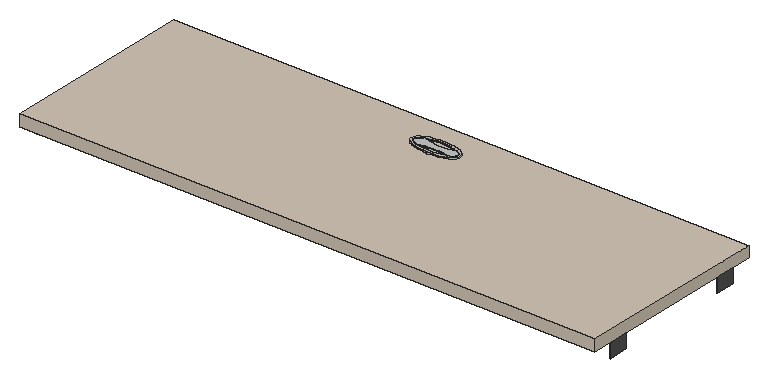
Revit family "Modular_Desks-Teknion-RTLDC_Cross_Grain_Rectangular_Worksurface-R2019", category Furniture, Revit 2019 (continued)
Definition of nested family "Desk_Accessories-Teknion-RWAQ_Central_Post_Square-R2019"
  Nested families (in)
    nested 1: "Teknion_2D_Node_Family-R2016" at (0, 3, 0), visible <- "Connection Node Visibility", type "Teknion_2D_Node_Family-R2016"
  Definition of nested family "Teknion_2D_Node_Family-R2016"
    Reference planes (in)
      plane 1 "Center (Front/Back)": y = 0
      plane 2: z = 0
      plane 3 "Center (Left/Right)": x = 0
    Lines and regions (in)
      detail lines, in view "Ref. Level"
        curve 1: circle (0, 0, 0) r 1.25 normal (0, 0, 1)
        curve 2: line (1.91508, -1.91508, 0) -> (-1.91508, 1.91508, 0)
        curve 3: line (-1.91508, -1.91508, 0) -> (1.91508, 1.91508, 0)
Definition of nested family "Desk_Accessories-Teknion-RWLD_Central_Post_Round-R2019"
  Parameters (values of type "29" Height")
    Warranty = "http://www.teknion.com/ca/papers/legal-canada"
    Unit Weight URL = "http://www.teknion.com/ca/tools/assets#&asset=bee6a381-b954-425e-8283-5a2de3a804f2,f828d448-4b62-4231-9e5f-9a8991c0ed77"
    URL = "www.teknion.com"
    To render please download texture images found here [instance] = "https://assets.teknion.com/web/5e81352c1dfdb467/revit-material-swatches/"
    Sustainability Data = "https://www.teknion.com/ca/tools/assets#&topic=216f99a5-57a0-44fc-b10a-9dee9b29ae4c&asset=444deb64-fe58-4b68-981e-f75e97781df7,b4ff2d81-9f2e-437d-9659-7cffb09c31cf"
    Support Finish [instance] = none
    Series = "Expansion Desking"  # constant formula
    Product Page URL = "https://www.teknion.com/ca/products/product-details?productLineId=2b4e336e-8e7a-673b-a6c8-ff00004460c4"
    Product Line = "Expansion Desking"  # constant formula
    Product Documentation Link = "https://www.teknion.com/pricing/expansion-desking/pdfs/RWLD_ppg.pdf"
    Part Number = "RWLD"  # constant formula
    Model = "RWLD29"  # constant formula
    Manufacturer Phone = "416-661-3370"  # constant formula
    Manufacturer Fax = "416.661.4586"  # constant formula
    Manufacturer Contact Information = "http://www.teknion.com/ca/contactus"
    Manufacturer Address = "1150 Flint Road, Toronto, ON. M3J 2J5. Canada"  # constant formula
    Manufacturer = "Teknion"  # constant formula
    How To Use Teknion Materials User Guide [instance] = "https://assets.teknion.com/m/205dd0a49fa58060/original/How-to-add-a-Material-Library-and-Texture-Images-to-your-Revit-project.pdf"
    For Additional Finishes please visit [instance] = "https://assets.teknion.com/m/44a8009b046e5d47/original/Teknion_Materials_Library.zip"
    Description = "Central Post Leg - 3 1/2\" Round, 29\" Height"
    Connection Node Visibility [instance] = yes
    Assembly Code = "E2020200"
  Reference planes (in)
    plane 1 "Center Front/Back": y = 0
    plane 2: z = 0
    plane 3 "Center Left/Right": x = 0
    plane 4 "Left": x = -3
    plane 5 "Right": x = 3
    plane 6 "Back": y = 3
    plane 7 "Front": y = -3
    plane 8 "Top": z = 27.81102
  Forms (in)
    Sweep 1, solid, material <- "Support Finish"
      path origin (0, 0, 0) x (1, 0, 0) y (0, 0, 1)
        loop
          line (0, 27.56102) -> (0, 27.81102)
      profile origin (0, 0, 27.68602) x (-1, 0, 0) y (0, -1, 0)
        loop
          line (3, -3) -> (3, 3) -> (-3, 3) -> (-3, -3) -> (3, -3)
    Sweep 2, solid, material <- "Support Finish"
      path origin (0, 0, 0) x (1, 0, 0) y (0, 0, 1)
        loop
          line (0, 27.56102) -> (0, 0.60236)
      profile origin (0, 0, 14.08169) x (0, -1, 0) y (1, 0, 0)
        loop
          circle (-1.12398, 0) r 1.75
    Sweep 3, solid, material <- "Support Finish"
      path origin (0, 0, 0) x (1, 0, 0) y (0, 0, 1)
        loop
          line (0, 0) -> (0, 0.60236)
      profile origin (0, 0, 0.30118) x (-1, 0, 0) y (0, -1, 0)
        loop
          circle (0, -1.12398) r 0.5
  Lines and regions (in)
    symbolic lines, detail levels medium+fine
      curve 1: line (-3, 3, 0) -> (3, 3, 0)
      curve 2: line (-3, 3, 0) -> (-3, -3, 0)
      curve 3: line (-3, -3, 0) -> (3, -3, 0)
      curve 4: line (3, 3, 0) -> (3, -3, 0)
      curve 5: arc (0, 2.87398, 0) -> (-1.75, 1.12398, 0) -> (0, -0.62602, 0) r 1.75
      curve 6: arc (0, -0.62602, 0) -> (1.75, 1.12398, 0) -> (0, 2.87398, 0) r 1.75
    symbolic lines, detail levels fine
      curve 7: arc (-0.5, 1.12398, 0) -> (0, 1.62398, 0) -> (0.5, 1.12398, 0) r 0.5
      curve 8: arc (0.5, 1.12398, 0) -> (0, 0.62398, 0) -> (-0.5, 1.12398, 0) r 0.5
  Dimensions and locks (in)
    locked: plane 4 "Left" to plane 5 "Right" at 6
    locked: plane 6 "Back" to plane 7 "Front" at 6
    plane 8 "Top" to level = 27.81102"
    equal spacing: plane 4 "Left", plane 3 "Center Left/Right", plane 5 "Right"
    equal spacing: plane 6 "Back", plane 1 "Center Front/Back", plane 7 "Front"
    plane 8 "Top" to Sweep 1 sketch curve to Sweep 1 sketch curve = 0.000" locked, 0.250" locked
    Sweep 2 sketch curve to Sweep 2 sketch curve to level = 26.95866" locked, 0.60236" locked
    locked: profile plane to Sweep 2 sketch curve at 0
    locked: plane 1 "Center Front/Back" to Sweep 2 sketch curve at 1.12398
    Sweep 3 sketch curve to level to Sweep 3 sketch curve = 0.60236" locked, 0.000" locked
    locked: plane 1 "Center Front/Back" to Sweep 3 sketch curve at 1.12398
    locked: plane 3 "Center Left/Right" to Sweep 3 sketch curve at 0
    aligned and locked: level to plane 2
    aligned and locked: plane 3 "Center Left/Right" to Sweep 1 sketch curve
    aligned and locked: Sweep 1 sketch curve to plane 6 "Back"
    aligned and locked: Sweep 1 sketch curve to plane 4 "Left"
    aligned and locked: Sweep 1 sketch curve to plane 7 "Front"
    aligned and locked: Sweep 1 sketch curve to plane 5 "Right"
    aligned and locked: curve 1 to plane 6 "Back"
    aligned and locked: curve 2 to plane 4 "Left"
    aligned and locked: curve 3 to plane 7 "Front"
    aligned and locked: curve 4 to plane 5 "Right"
    aligned and locked: nested 1 to plane 6 "Back"
    aligned and locked: plane 3 "Center Left/Right" to nested 1
    aligned and locked: Sweep 2 sketch curve to plane 3 "Center Left/Right"
    aligned and locked: plane 3 "Center Left/Right" to Sweep 3 sketch curve
    aligned and locked: curve 5 to Sweep 2
    aligned and locked: curve 6 to Sweep 2
    aligned and locked: curve 7 to Sweep 3
    aligned and locked: curve 8 to Sweep 3
  Automatic sketch dimensions
    radius of Sweep 2 sketch curve = 1.750"
    radius of Sweep 3 sketch curve = 0.500"
  Nested families (in)
    nested 1: "Teknion_2D_Node_Family-R2016" at (0, 3, 0), visible <- "Connection Node Visibility", type "Teknion_2D_Node_Family-R2016"
  Definition of nested family "Teknion_2D_Node_Family-R2016"
    Reference planes (in)
      plane 1 "Center (Front/Back)": y = 0
      plane 2: z = 0
      plane 3 "Center (Left/Right)": x = 0
    Lines and regions (in)
      detail lines, in view "Ref. Level"
        curve 1: circle (0, 0, 0) r 1.25 normal (0, 0, 1)
        curve 2: line (1.91508, -1.91508, 0) -> (-1.91508, 1.91508, 0)
        curve 3: line (-1.91508, -1.91508, 0) -> (1.91508, 1.91508, 0)
Definition of nested family "Desk_Accessories-Teknion-RWLA_Angled_Leg-R2019"
  Parameters (values of type "29" Height")
    Warranty = "http://www.teknion.com/ca/papers/legal-canada"
    Unit Weight URL = "http://www.teknion.com/ca/tools/assets#&asset=bee6a381-b954-425e-8283-5a2de3a804f2,f828d448-4b62-4231-9e5f-9a8991c0ed77"
    URL = "www.teknion.com"
    To render please download texture images found here [instance] = "https://assets.teknion.com/web/5e81352c1dfdb467/revit-material-swatches/"
    Sustainability Data = "https://www.teknion.com/ca/tools/assets#&topic=216f99a5-57a0-44fc-b10a-9dee9b29ae4c&asset=444deb64-fe58-4b68-981e-f75e97781df7,b4ff2d81-9f2e-437d-9659-7cffb09c31cf"
    Support Finish [instance] = none
    Series = "Expansion Desking"  # constant formula
    Product Page URL = "https://www.teknion.com/ca/products/product-details?productLineId=2b4e336e-8e7a-673b-a6c8-ff00004460c4"
    Product Line = "Expansion Desking"  # constant formula
    Product Documentation Link = "https://www.teknion.com/pricing/expansion-desking/pdfs/RWLA_ppg.pdf"
    Part Number = "RWLA"  # constant formula
    Model = "RWLA29"  # constant formula
    Manufacturer Phone = "416-661-3370"  # constant formula
    Manufacturer Fax = "416.661.4586"  # constant formula
    Manufacturer Contact Information = "http://www.teknion.com/ca/contactus"
    Manufacturer Address = "1150 Flint Road, Toronto, ON. M3J 2J5. Canada"  # constant formula
    Manufacturer = "Teknion"  # constant formula
    How To Use Teknion Materials User Guide [instance] = "https://assets.teknion.com/m/205dd0a49fa58060/original/How-to-add-a-Material-Library-and-Texture-Images-to-your-Revit-project.pdf"
    For Additional Finishes please visit [instance] = "https://assets.teknion.com/m/44a8009b046e5d47/original/Teknion_Materials_Library.zip"
    Description = "Angled Leg, 29\" Height"
    Connection Node Visibility [instance] = yes
    Assembly Code = "E2020200"
  Reference planes (in)
    plane 1 "Center Front/Back": y = 0.67303
    plane 2: z = 0
    plane 3 "Center Left/Right": x = -0.68158
    plane 4 "Left": x = -5.478
    plane 5 "Right": x = 4.11485
    plane 6 "Back": y = 5.46975
    plane 7 "Front": y = -4.12369
    plane 8 "Top": z = 27.81102
  Forms (in)
    Sweep 1, solid, material <- "Support Finish"
      path origin (0, 0.67303, 0) x (1, 0, 0) y (0, 0, 1)
        loop
          line (-0.68158, 0.41732) -> (-0.68158, 27.81102)
      profile origin (-0.68158, 0.67303, 14.11417) x (-1, 0, 0) y (0, -1, 0)
        loop
          line (0.46829, 0.11891) -> (3.39642, -3.37507) -> (3.39642, -1.43104) -> (0.46829, 0.11891)
    Sweep 2, solid, material <- "Support Finish"
      path origin (0, 0.67303, 0) x (1, 0, 0) y (0, 0, 1)
        loop
          line (-0.68158, 27.62205) -> (-0.68158, 27.81102)
      profile origin (-0.68158, 0.67303, 27.71653) x (-1, 0, 0) y (0, -1, 0)
        loop
          line (0.82728, -3.39672) -> (3.39642, -3.39672) -> (3.39642, -0.82939) -> (0.11656, 4.79614) -> (-4.79701, -0.11651) -> (0.82728, -3.39672)
    Sweep 3, solid, material <- "Support Finish"
      path origin (0, 0.67303, 0) x (1, 0, 0) y (0, 0, 1)
        loop
          line (-0.68158, 0.41732) -> (-0.68158, 0)
      profile origin (-0.68158, 0.67303, 0.20866) x (0, -1, 0) y (1, 0, 0)
        loop
          line (-1.49741, -3.28619) -> (-0.24209, -0.91466) -> (-3.07191, -3.28619) -> (-1.49741, -3.28619)
  Cuts and joins
    joined: Sweep 1, Sweep 2
  Lines and regions (in)
    symbolic lines, detail levels medium+fine
      curve 1: line (-4.078, 4.06975, 0) -> (-4.078, 1.50241, 0)
      curve 2: line (-4.078, 1.50241, 0) -> (-0.79814, -4.12311, 0)
      curve 3: line (-0.79814, -4.12311, 0) -> (4.11543, 0.78953, 0)
      curve 4: line (4.11543, 0.78953, 0) -> (-1.50885, 4.06975, 0)
      curve 5: line (-1.50885, 4.06975, 0) -> (-4.078, 4.06975, 0)
      curve 6: line (-1.14987, 0.55412, 0) -> (-4.078, 4.0481, 0)
      curve 7: line (-4.078, 2.10407, 0) -> (-1.14987, 0.55412, 0)
    symbolic lines, visible <- "Connection Node Visibility", detail levels fine
      curve 8: line (-3.96776, 3.74494, 0) -> (-3.96776, 2.17044, 0)
      curve 9: line (-1.59623, 0.91512, 0) -> (-3.96776, 3.74494, 0)
      curve 10: line (-3.96776, 2.17044, 0) -> (-1.59623, 0.91512, 0)
  Dimensions and locks (in)
    plane 4 "Left" to plane 5 "Right" = 9.59285"
    plane 6 "Back" to plane 7 "Front" = 9.59344"
    locked: plane 8 "Top" to level at 27.81102
    equal spacing: plane 4 "Left", plane 3 "Center Left/Right", plane 5 "Right"
    equal spacing: plane 6 "Back", plane 1 "Center Front/Back", plane 7 "Front"
    Sweep 1 sketch curve to Sweep 1 sketch curve to level = 27.3937" locked, 0.41732" locked
    Sweep 3 sketch curve to Sweep 3 sketch curve = 0.41732"
    aligned and locked: level to plane 2
    aligned and locked: plane 3 "Center Left/Right" to Sweep 1 sketch curve
    aligned and locked: nested 1 to plane 6 "Back"
    aligned and locked: plane 4 "Left" to nested 1
  Automatic sketch dimensions
    plane 1 "Center Front/Back" to Sweep 1 sketch curve = 0.11891"
    Sweep 1 sketch curve to profile plane = 0.46829"
    Sweep 1 sketch curve to profile plane = 3.39642"
    Sweep 1 sketch curve to plane 1 "Center Front/Back" = 1.43104"
    Sweep 1 sketch curve to Sweep 1 sketch curve = 1.94403"
    Sweep 2 sketch curve to plane 3 "Center Left/Right" = 0.000"
    Sweep 2 sketch curve to plane 8 "Top" = 0.000"
    Sweep 2 sketch curve to Sweep 2 sketch curve = 0.18898"
    Sweep 2 sketch curve to profile plane = 0.82728"
    Sweep 2 sketch curve to plane 1 "Center Front/Back" = 3.39672"
    Sweep 2 sketch curve to plane 1 "Center Front/Back" = 0.11651"
    profile plane to Sweep 2 sketch curve = 4.79701"
    Sweep 2 sketch curve to Sweep 2 sketch curve = 2.56915"
    Sweep 2 sketch curve to profile plane = 0.11656"
    plane 1 "Center Front/Back" to Sweep 2 sketch curve = 4.79614"
    Sweep 2 sketch curve to plane 1 "Center Front/Back" = 0.82939"
    Sweep 3 sketch curve to level = 0.000"
    Sweep 3 sketch curve to plane 3 "Center Left/Right" = 0.000"
    Sweep 3 sketch curve to plane 1 "Center Front/Back" = 3.07191"
    profile plane to Sweep 3 sketch curve = 3.28619"
    Sweep 3 sketch curve to Sweep 3 sketch curve = 1.5745"
    Sweep 3 sketch curve to plane 1 "Center Front/Back" = 0.24209"
    profile plane to Sweep 3 sketch curve = 0.91466"
    plane 4 "Left" to curve 1 = 1.400"
    curve 2 to plane 1 "Center Front/Back" = 0.82939"
    curve 2 to plane 7 "Front" = 0.00058"
    curve 2 to plane 3 "Center Left/Right" = 0.11656"
    curve 1 to plane 6 "Back" = 1.400"
    curve 3 to plane 5 "Right" = 0.00058"
    curve 3 to plane 1 "Center Front/Back" = 0.11651"
    curve 4 to plane 3 "Center Left/Right" = 0.82728"
    plane 1 "Center Front/Back" to curve 6 = 0.11891"
    curve 6 to plane 3 "Center Left/Right" = 0.46829"
    curve 6 to curve 1 = 0.000"
    curve 1 to curve 7 = 0.60165"
    curve 6 to curve 1 = 0.02165"
    curve 6 to curve 9 = 0.11024"
    curve 8 to curve 6 = 0.30316"
    curve 9 to plane 1 "Center Front/Back" = 0.24209"
    curve 9 to curve 6 = 0.44637"
    curve 7 to curve 8 = 0.06638"
  Nested families (in)
    nested 1: "Teknion_2D_Node_Family-R2016" at (-5.478, 5.46975, 0), visible <- "Connection Node Visibility", type "Teknion_2D_Node_Family-R2016"
  Definition of nested family "Teknion_2D_Node_Family-R2016"
    Reference planes (in)
      plane 1 "Center (Front/Back)": y = 0
      plane 2: z = 0
      plane 3 "Center (Left/Right)": x = 0
    Lines and regions (in)
      detail lines, in view "Ref. Level"
        curve 1: circle (0, 0, 0) r 1.25 normal (0, 0, 1)
        curve 2: line (1.91508, -1.91508, 0) -> (-1.91508, 1.91508, 0)
        curve 3: line (-1.91508, -1.91508, 0) -> (1.91508, 1.91508, 0)
Definition of nested family "Desk_Accessories-Teknion-RAVG_Semi_Supported_Leg_Solid-R2019"
  Parameters (values of type "Solid Gable Style")
    Warranty = "http://www.teknion.com/ca/papers/legal-canada"
    Unit Weight URL = "http://www.teknion.com/ca/tools/assets#&asset=bee6a381-b954-425e-8283-5a2de3a804f2,f828d448-4b62-4231-9e5f-9a8991c0ed77"
    URL = "www.teknion.com"
    To render please download texture images found here [instance] = "https://assets.teknion.com/web/5e81352c1dfdb467/revit-material-swatches/"
    Sustainability Data = "https://www.teknion.com/ca/tools/assets#&topic=216f99a5-57a0-44fc-b10a-9dee9b29ae4c&asset=444deb64-fe58-4b68-981e-f75e97781df7,b4ff2d81-9f2e-437d-9659-7cffb09c31cf"
    Series = "Expansion Desking"  # constant formula
    Product Page URL = "https://www.teknion.com/ca/products/product-details?productLineId=2b4e336e-8e7a-673b-a6c8-ff00004460c4"
    Product Line = "Expansion Desking"  # constant formula
    Product Documentation Link = "https://www.teknion.com/pricing/expansion-desking/pdfs/RAVG_ppg.pdf"
    Part Number = "RAVG"  # constant formula
    Model = "RAVGL__"
    Manufacturer Phone = "416-661-3370"  # constant formula
    Manufacturer Fax = "416.661.4586"  # constant formula
    Manufacturer Contact Information = "http://www.teknion.com/ca/contactus"
    Manufacturer Address = "1150 Flint Road, Toronto, ON. M3J 2J5. Canada"  # constant formula
    Manufacturer = "Teknion"  # constant formula
    How To Use Teknion Materials User Guide [instance] = "https://assets.teknion.com/m/205dd0a49fa58060/original/How-to-add-a-Material-Library-and-Texture-Images-to-your-Revit-project.pdf"
    Gable Finish [instance] = none
    For Additional Finishes please visit [instance] = "https://assets.teknion.com/m/44a8009b046e5d47/original/Teknion_Materials_Library.zip"
    Description = "Semi-Supported Leg - Solid, Solid Gable Style"
    Depth [instance] = 30.000"
    Connection Node Visibility [instance] = yes
    Available Depths [instance] = "14\", 18\", 20\", 24\", or 30\""  # constant formula
    Assembly Code = "E2020200"
  Reference planes (in)
    plane 1 "Center Front/Back": y = 0
    plane 2: z = 0
    plane 3 "Center Left/Right": x = 0
    plane 4 "Left": x = -0.5
    plane 5 "Right": x = 0.5
    plane 6 "Back": y = 15
    plane 7 "Front": y = -15
    plane 8 "Top": z = 27.81102
  Forms (in)
    Sweep 1, solid, material <- "Gable Finish"
      path origin (0, 0, 0) x (1, 0, 0) y (0, 0, 1)
        loop
          line (0, 0.6) -> (0, 27.81102)
      profile origin (0, 0, 14.20551) x (-1, 0, 0) y (0, -1, 0)
        loop
          line (0.5, -15) -> (0.5, 15) -> (-0.5, 15) -> (-0.5, -15) -> (0.5, -15)
    Sweep 2, solid
      path origin (0, 0, 0) x (1, 0, 0) y (0, 0, 1)
        loop
          line (0, 0.6) -> (0, 0)
      profile origin (0, 0, 0.3) x (0, -1, 0) y (1, 0, 0)
        loop
          circle (-13.53937, 0) r 0.5
        loop
          circle (13.53937, 0) r 0.5
  Lines and regions (in)
    symbolic lines, detail levels medium+fine
      curve 1: line (0.5, -15, 0) -> (0.5, 15, 0)
      curve 2: line (0.5, 15, 0) -> (-0.5, 15, 0)
      curve 3: line (-0.5, 15, 0) -> (-0.5, -15, 0)
      curve 4: line (-0.5, -15, 0) -> (0.5, -15, 0)
    symbolic lines, detail levels fine
      curve 5: arc (0, 14.03937, 0) -> (-0.5, 13.53937, 0) -> (0, 13.03937, 0) r 0.5
      curve 6: arc (0, 13.03937, 0) -> (0.5, 13.53937, 0) -> (0, 14.03937, 0) r 0.5
      curve 7: arc (0, -13.03937, 0) -> (-0.5, -13.53937, 0) -> (0, -14.03937, 0) r 0.5
      curve 8: arc (0, -14.03937, 0) -> (0.5, -13.53937, 0) -> (0, -13.03937, 0) r 0.5
    reference lines
      curve 9: line (-0.5, 15, 0) -> (0.5, 15, 0)
      curve 10: line (-0.5, -15, 0) -> (0.5, -15, 0)
  Dimensions and locks (in)
    locked: plane 4 "Left" to plane 5 "Right" at 1
    "Depth": plane 6 "Back" to plane 7 "Front"
    plane 8 "Top" to level = 27.81102"
    equal spacing: plane 6 "Back", plane 1 "Center Front/Back", plane 7 "Front"
    equal spacing: plane 4 "Left", plane 3 "Center Left/Right", plane 5 "Right"
    Sweep 1 sketch curve to Sweep 1 sketch curve to level = 27.21102" locked, 0.600" locked
    Sweep 2 sketch curve to Sweep 2 sketch curve to level = 0.600" locked, 0.000" locked
    plane 3 "Center Left/Right" to Sweep 2 sketch curve to Sweep 2 sketch curve = 0.000" locked, 0.000" locked
    locked: plane 6 "Back" to Sweep 2 sketch curve at 1.46063
    locked: plane 7 "Front" to Sweep 2 sketch curve at 1.46063
    aligned and locked: level to plane 2
    aligned and locked: plane 3 "Center Left/Right" to Sweep 1 sketch curve
    aligned and locked: plane 5 "Right" to Sweep 1 sketch curve
    aligned and locked: Sweep 1 sketch curve to plane 4 "Left"
    aligned and locked: Sweep 1 sketch curve to plane 7 "Front"
    aligned and locked: Sweep 1 sketch curve to plane 6 "Back"
    aligned and locked: Sweep 2 sketch curve to plane 3 "Center Left/Right"
    aligned and locked: nested 2 to plane 7 "Front"
    aligned and locked: nested 2 to plane 4 "Left"
    aligned and locked: plane 4 "Left" to nested 1
    aligned and locked: nested 1 to plane 6 "Back"
    aligned and locked: curve 1 to Sweep 1
    aligned and locked: curve 2 to Sweep 1
    aligned and locked: curve 3 to Sweep 1
    aligned and locked: curve 4 to plane 7 "Front"
    aligned and locked: curve 5 to Sweep 2
    aligned and locked: curve 6 to Sweep 2
    aligned and locked: curve 7 to Sweep 2
    aligned and locked: curve 8 to Sweep 2
    aligned and locked: curve 9 to plane 6 "Back"
    aligned and locked: curve 10 to plane 7 "Front"
  Automatic sketch dimensions
    curve 9 to plane 4 "Left" = 0.000"
    curve 9 to plane 5 "Right" = 0.000"
    curve 10 to plane 4 "Left" = 0.000"
    curve 10 to plane 5 "Right" = 0.000"
    radius of Sweep 2 sketch curve = 0.500"  (x2)
  Nested families (in)
    nested 1: "Teknion_2D_Node_Family-R2016" at (-0.5, 15, 0), visible <- "Connection Node Visibility", type "Teknion_2D_Node_Family-R2016"
    nested 2: "Teknion_2D_Node_Family-R2016" at (-0.5, -15, 0), visible <- "Connection Node Visibility", type "Teknion_2D_Node_Family-R2016"
  Definition of nested family "Teknion_2D_Node_Family-R2016"
    Reference planes (in)
      plane 1 "Center (Front/Back)": y = 0
      plane 2: z = 0
      plane 3 "Center (Left/Right)": x = 0
    Lines and regions (in)
      detail lines, in view "Ref. Level"
        curve 1: circle (0, 0, 0) r 1.25 normal (0, 0, 1)
        curve 2: line (1.91508, -1.91508, 0) -> (-1.91508, 1.91508, 0)
        curve 3: line (-1.91508, -1.91508, 0) -> (1.91508, 1.91508, 0)
Definition of nested family "Desk_Accessories-Teknion-RWWO_Frame_Leg_Open-R2019"
  Parameters (values of type "Frame Leg - Open")
    Warranty = "http://www.teknion.com/ca/papers/legal-canada"
    Unit Weight URL = "http://www.teknion.com/ca/tools/assets#&asset=bee6a381-b954-425e-8283-5a2de3a804f2,f828d448-4b62-4231-9e5f-9a8991c0ed77"
    URL = "www.teknion.com"
    To render please download texture images found here [instance] = "https://assets.teknion.com/web/5e81352c1dfdb467/revit-material-swatches/"
    Sustainability Data = "https://www.teknion.com/ca/tools/assets#&topic=216f99a5-57a0-44fc-b10a-9dee9b29ae4c&asset=444deb64-fe58-4b68-981e-f75e97781df7,b4ff2d81-9f2e-437d-9659-7cffb09c31cf"
    Series = "Expansion Desking"  # constant formula
    Product Page URL = "https://www.teknion.com/ca/products/product-details?productLineId=2b4e336e-8e7a-673b-a6c8-ff00004460c4"
    Product Line = "Expansion Desking"  # constant formula
    Product Documentation Link = "https://www.teknion.com/pricing/expansion-desking/pdfs/RWWO_ppg.pdf"
    Part Number = "RWWO"  # constant formula
    Model = "RWWO__"  # constant formula
    Manufacturer Phone = "416-661-3370"  # constant formula
    Manufacturer Fax = "416.661.4586"  # constant formula
    Manufacturer Contact Information = "http://www.teknion.com/ca/contactus"
    Manufacturer Address = "1150 Flint Road, Toronto, ON. M3J 2J5. Canada"  # constant formula
    Manufacturer = "Teknion"  # constant formula
    How To Use Teknion Materials User Guide [instance] = "https://assets.teknion.com/m/205dd0a49fa58060/original/How-to-add-a-Material-Library-and-Texture-Images-to-your-Revit-project.pdf"
    Frame Finish [instance] = none
    For Additional Finishes please visit [instance] = "https://assets.teknion.com/m/44a8009b046e5d47/original/Teknion_Materials_Library.zip"
    Description = "Frame Leg - Open"
    Depth [instance] = 30.000"
    Connection Node Visibility [instance] = yes
    Available Depths [instance] = "20\", 24\", or 30\""  # constant formula
    Assembly Code = "E2020200"
  Reference planes (in)
    plane 1 "Center Front/Back": y = 0
    plane 2: z = 0
    plane 3 "Center Left/Right": x = 0
    plane 4 "Left": x = -1.77165
    plane 5 "Right": x = 1.77165
    plane 6 "Back": y = 15
    plane 7 "Front": y = -15
    plane 8 "Top": z = 27.81102
  Forms (in)
    Sweep 1, solid, material <- "Frame Finish"
      path origin (0, 0, 0) x (1, 0, 0) y (0, 1, 0)
        loop
          line (-1.77165, 0) -> (1.77165, 0)
      profile origin (0, 0, 0) x (0, 1, 0) y (0, 0, 1)
        loop
          line (14.17323, 26.79675) -> (-14.17323, 26.79675) -> (-14.17323, 1.24016) -> (14.17323, 1.24016) -> (14.17323, 26.79675)
        loop
          line (-15, 27.62352) -> (-15, 0.41339) -> (15, 0.41339) -> (15, 27.62352) -> (-15, 27.62352)
    Sweep 2, solid
      path origin (0, 0, 0) x (0, 1, 0) y (0, 0, 1)
        loop
          line (0, 27.62352) -> (0, 27.81102)
      profile origin (0, 0, 27.71727) x (0, -1, 0) y (1, 0, 0)
        loop
          line (7.81496, 1.63386) -> (7.81496, -1.63386) -> (14.8622, -1.63386) -> (14.8622, 1.63386) -> (7.81496, 1.63386)
        loop
          line (-7.81496, -1.63386) -> (-7.81496, 1.63386) -> (-14.8622, 1.63386) -> (-14.8622, -1.63386) -> (-7.81496, -1.63386)
    Sweep 3, solid
      path origin (0, 0, 0) x (1, 0, 0) y (0, 0, 1)
        loop
          line (0, 0) -> (0, 0.41339)
      profile origin (0, 0, 0.20669) x (-1, 0, 0) y (0, -1, 0)
        loop
          circle (1.26265, 14.4862) r 0.5
        loop
          circle (1.26265, -14.4862) r 0.5
  Lines and regions (in)
    symbolic lines, detail levels medium+fine
      curve 1: line (1.77165, -15, 0) -> (1.77165, 15, 0)
      curve 2: line (1.77165, 15, 0) -> (-1.77165, 15, 0)
      curve 3: line (-1.77165, 15, 0) -> (-1.77165, -15, 0)
      curve 4: line (-1.77165, -15, 0) -> (1.77165, -15, 0)
      curve 5: line (1.77165, -14.17323, 0) -> (-1.77165, -14.17323, 0)
      curve 6: line (-1.77165, 14.17323, 0) -> (1.77165, 14.17323, 0)
      curve 7: line (-1.63386, 7.81496, 0) -> (1.63386, 7.81496, 0)
      curve 8: line (1.63386, 7.81496, 0) -> (1.63386, 14.8622, 0)
      curve 9: line (1.63386, 14.8622, 0) -> (-1.63386, 14.8622, 0)
      curve 10: line (-1.63386, 14.8622, 0) -> (-1.63386, 7.81496, 0)
      curve 11: line (1.63386, -7.81496, 0) -> (-1.63386, -7.81496, 0)
      curve 12: line (-1.63386, -7.81496, 0) -> (-1.63386, -14.8622, 0)
      curve 13: line (-1.63386, -14.8622, 0) -> (1.63386, -14.8622, 0)
      curve 14: line (1.63386, -14.8622, 0) -> (1.63386, -7.81496, 0)
    symbolic lines, detail levels fine
      curve 15: arc (-0.76265, -14.4862, 0) -> (-1.26265, -13.9862, 0) -> (-1.76265, -14.4862, 0) r 0.5
      curve 16: arc (-1.76265, -14.4862, 0) -> (-1.26265, -14.9862, 0) -> (-0.76265, -14.4862, 0) r 0.5
      curve 17: arc (-1.76265, 14.4862, 0) -> (-1.26265, 13.9862, 0) -> (-0.76265, 14.4862, 0) r 0.5
      curve 18: arc (-0.76265, 14.4862, 0) -> (-1.26265, 14.9862, 0) -> (-1.76265, 14.4862, 0) r 0.5
  Dimensions and locks (in)
    plane 4 "Left" to plane 5 "Right" = 3.54331"
    "Depth": plane 6 "Back" to plane 7 "Front"
    plane 8 "Top" to level = 27.81102"
    equal spacing: plane 4 "Left", plane 3 "Center Left/Right", plane 5 "Right"
    equal spacing: plane 6 "Back", plane 1 "Center Front/Back", plane 7 "Front"
    Sweep 1 sketch curve to Sweep 1 sketch curve to Sweep 1 sketch curve to Sweep 1 sketch curve to level = 0.82677" locked, 25.55659" locked, 0.82677" locked, 0.41339" locked
    plane 6 "Back" to Sweep 1 sketch curve to Sweep 1 sketch curve = 0.000" locked, 0.82677" locked
    Sweep 1 sketch curve to plane 7 "Front" to Sweep 1 sketch curve = 0.82677" locked, 0.000" locked
    Sweep 2 sketch curve to Sweep 2 sketch curve to level = 0.1875" locked, 27.62352" locked
    plane 6 "Back" to Sweep 2 sketch curve to Sweep 2 sketch curve = 0.1378" locked, 7.04724" locked
    Sweep 2 sketch curve to plane 3 "Center Left/Right" to Sweep 2 sketch curve = 1.63386" locked, 1.63386" locked  (x2)
    plane 7 "Front" to Sweep 2 sketch curve to Sweep 2 sketch curve = 0.1378" locked, 7.04724" locked
    Sweep 3 sketch curve to level to Sweep 3 sketch curve = 0.000" locked, 0.41339" locked
    locked: plane 6 "Back" to Sweep 3 sketch curve at 0.5138
    locked: plane 7 "Front" to Sweep 3 sketch curve at 0.5138
    locked: plane 4 "Left" to Sweep 3 sketch curve at 0.509  (x2)
    aligned and locked: level to plane 2
    aligned and locked: Sweep 1 sketch curve to plane 1 "Center Front/Back"
    aligned and locked: plane 4 "Left" to Sweep 1 sketch curve
    aligned and locked: plane 5 "Right" to Sweep 1 sketch curve
    aligned and locked: plane 1 "Center Front/Back" to Sweep 2 sketch curve
    aligned and locked: plane 3 "Center Left/Right" to Sweep 3 sketch curve
    aligned and locked: curve 1 to Sweep 1
    aligned and locked: curve 2 to Sweep 1
    aligned and locked: curve 3 to Sweep 1
    aligned and locked: curve 4 to Sweep 1
    aligned and locked: curve 5 to Sweep 1
    aligned and locked: curve 6 to Sweep 1
    aligned and locked: curve 7 to Sweep 2
    aligned and locked: curve 8 to Sweep 2
    aligned and locked: curve 9 to Sweep 2
    aligned and locked: curve 10 to Sweep 2
    aligned and locked: curve 11 to Sweep 2
    aligned and locked: curve 12 to Sweep 2
    aligned and locked: curve 13 to Sweep 2
    aligned and locked: curve 14 to Sweep 2
    aligned and locked: curve 15 to Sweep 3
    aligned and locked: curve 16 to Sweep 3
    aligned and locked: curve 17 to Sweep 3
    aligned and locked: curve 18 to Sweep 3
    aligned and locked: nested 2 to plane 4 "Left"
    aligned and locked: nested 2 to plane 7 "Front"
    aligned and locked: nested 1 to plane 6 "Back"
    aligned and locked: plane 4 "Left" to nested 1
  Automatic sketch dimensions
    radius of Sweep 3 sketch curve = 0.500"  (x2)
  Nested families (in)
    nested 1: "Teknion_2D_Node_Family-R2016" at (-1.77165, 15, 0), visible <- "Connection Node Visibility", type "Teknion_2D_Node_Family-R2016"
    nested 2: "Teknion_2D_Node_Family-R2016" at (-1.77165, -15, 0), visible <- "Connection Node Visibility", type "Teknion_2D_Node_Family-R2016"
  Definition of nested family "Teknion_2D_Node_Family-R2016"
    Reference planes (in)
      plane 1 "Center (Front/Back)": y = 0
      plane 2: z = 0
      plane 3 "Center (Left/Right)": x = 0
    Lines and regions (in)
      detail lines, in view "Ref. Level"
        curve 1: circle (0, 0, 0) r 1.25 normal (0, 0, 1)
        curve 2: line (1.91508, -1.91508, 0) -> (-1.91508, 1.91508, 0)
        curve 3: line (-1.91508, -1.91508, 0) -> (1.91508, 1.91508, 0)
Definition of nested family "Desk_Accessories-Teknion-RWLP_2_Post_Leg_Adjustable-R2019"
  Parameters (values of type "29" Height")
    Warranty = "http://www.teknion.com/ca/papers/legal-canada"
    Unit Weight URL = "http://www.teknion.com/ca/tools/assets#&asset=bee6a381-b954-425e-8283-5a2de3a804f2,f828d448-4b62-4231-9e5f-9a8991c0ed77"
    URL = "www.teknion.com"
    To render please download texture images found here [instance] = "https://assets.teknion.com/web/5e81352c1dfdb467/revit-material-swatches/"
    Sustainability Data = "https://www.teknion.com/ca/tools/assets#&topic=216f99a5-57a0-44fc-b10a-9dee9b29ae4c&asset=444deb64-fe58-4b68-981e-f75e97781df7,b4ff2d81-9f2e-437d-9659-7cffb09c31cf"
    Support Finish [instance] = none
    Series = "Expansion Desking"  # constant formula
    Product Page URL = "https://www.teknion.com/ca/products/product-details?productLineId=2b4e336e-8e7a-673b-a6c8-ff00004460c4"
    Product Line = "Expansion Desking"  # constant formula
    Product Documentation Link = "https://www.teknion.com/pricing/expansion-desking/pdfs/RWLP_ppg.pdf"
    Part Number = "RWLP"  # constant formula
    Model = "RWLP29"  # constant formula
    Manufacturer Phone = "416-661-3370"  # constant formula
    Manufacturer Fax = "416.661.4586"  # constant formula
    Manufacturer Contact Information = "http://www.teknion.com/ca/contactus"
    Manufacturer Address = "1150 Flint Road, Toronto, ON. M3J 2J5. Canada"  # constant formula
    Manufacturer = "Teknion"  # constant formula
    How To Use Teknion Materials User Guide [instance] = "https://assets.teknion.com/m/205dd0a49fa58060/original/How-to-add-a-Material-Library-and-Texture-Images-to-your-Revit-project.pdf"
    For Additional Finishes please visit [instance] = "https://assets.teknion.com/m/44a8009b046e5d47/original/Teknion_Materials_Library.zip"
    Description = "2\" Post Leg - Adjustable, 29\" Height"
    Connection Node Visibility [instance] = yes
    Assembly Code = "E2020200"
  Reference planes (in)
    plane 1 "Center Front/Back": y = -1.96733
    plane 2: z = 0
    plane 3 "Center Left/Right": x = 1.96733
    plane 4 "Left": x = -2
    plane 5 "Right": x = 5.93466
    plane 6 "Back": y = 2
    plane 7 "Front": y = -5.93466
    plane 8 "Top": z = 27.80315
  Forms (in)
    Sweep 1, solid, material <- "Support Finish"
      path origin (0, -1.96733, 0) x (1, 0, 0) y (0, 0, 1)
        loop
          line (4.41447, 27.61417) -> (4.41447, 27.80315)
      profile origin (4.41447, -1.96733, 27.70866) x (-1, 0, 0) y (0, -1, 0)
        loop
          arc (2.76061, -3.14746) -> (3.30245, -2.87366) -> (3.90187, -2.96986) r 0.98425
          arc (3.90187, -2.96986) -> (5.21066, -2.76352) -> (5.41701, -1.45473) r 1.12598
          arc (5.41701, -1.45473) -> (5.3208, -0.85531) -> (5.5946, -0.31347) r 0.98425
          line (5.5946, -0.31347) -> (3.04978, 3.96733) -> (-1.52019, -0.60264) -> (2.76061, -3.14746)
    Sweep 2, solid, material <- "Support Finish"
      path origin (0, -1.96733, 0) x (1, 0, 0) y (0, 0, 1)
        loop
          line (1.96733, 27.61417) -> (1.96733, 8.16535)
      profile origin (1.96733, -1.96733, 17.88976) x (0, -1, 0) y (1, 0, 0)
        loop
          circle (-1.96733, -1.96733) r 0.95079
    Sweep 3, solid, material <- "Support Finish"
      path origin (0, -1.96733, 0) x (1, 0, 0) y (0, 0, 1)
        loop
          line (1.96733, 8.16535) -> (1.96733, 0.3937)
      profile origin (1.96733, -1.96733, 4.27953) x (0, -1, 0) y (1, 0, 0)
        loop
          circle (-1.96733, -1.96733) r 0.75
    Sweep 4, solid, material <- "Support Finish"
      path origin (0, -1.96733, 0) x (1, 0, 0) y (0, 0, 1)
        loop
          line (0, 0.3937) -> (0, 0)
      profile origin (0, -1.96733, 0.19685) x (0, -1, 0) y (1, 0, 0)
        loop
          circle (-1.96733, 0) r 0.93701
    Sweep 5, solid, material <- "Support Finish"
      path origin (0, 0, 0) x (1, 0, 0) y (0, 1, 0)
        loop
          line (0.93441, -2.7408) -> (1.02037, -2.6897)
      profile origin (0.97739, -2.71525, 0) x (-0.510999, 0.859581, 0) y (0, 0, 1)
        loop
          line (-2.43002, 27.61417) -> (-2.43002, 26.76312) -> (1.15266, 25.80315) -> (2.56998, 25.80315) -> (2.56998, 27.61417) -> (-2.43002, 27.61417)
    Sweep 6, solid, material <- "Support Finish"
      path origin (0, 0, 0) x (0, -1, 0) y (-1, 0, 0)
        loop
          line (0.93441, -2.7408) -> (1.02037, -2.6897)
      profile origin (2.71525, -0.97739, 0) x (0.859581, -0.510999, 0) y (0, 0, 1)
        loop
          line (2.43002, 27.61417) -> (-2.56998, 27.61417) -> (-2.56998, 25.80315) -> (-1.15266, 25.80315) -> (2.43002, 26.76312) -> (2.43002, 27.61417)
  Cuts and joins
    joined: Sweep 2, Sweep 5, Sweep 6
  Lines and regions (in)
    symbolic lines, detail levels medium+fine
      curve 1: arc (-1.00254, -0.5126, 0) -> (-0.79619, 0.79619, 0) -> (0.5126, 1.00254, 0) r 1.12598
      curve 2: arc (-0.00448, -0.95074, 0) -> (0.94629, 0.00002, 0) -> (-0.00448, 0.95079, 0) r 0.95076
      curve 3: arc (-0.00448, 0.95079, 0) -> (-0.95524, 0.00002, 0) -> (-0.00448, -0.95074, 0) r 0.95076
      curve 12: arc (-1.18013, -1.65386, 0) -> (-0.90633, -1.11202, 0) -> (-1.00254, -0.5126, 0) r 0.98425
      curve 13: line (-1.18013, -1.65386, 0) -> (1.36469, -5.93466, 0)
      curve 14: line (1.36469, -5.93466, 0) -> (5.93466, -1.36469, 0)
      curve 15: line (5.93466, -1.36469, 0) -> (1.65386, 1.18013, 0)
      curve 16: arc (0.5126, 1.00254, 0) -> (1.11202, 0.90633, 0) -> (1.65386, 1.18013, 0) r 0.98425
    symbolic lines, detail levels fine
      curve 4: arc (0, 0.75, 0) -> (-0.75, 0, 0) -> (0, -0.75, 0) r 0.75
      curve 5: arc (0, -0.75, 0) -> (0.75, 0, 0) -> (0, 0.75, 0) r 0.75
      curve 6: line (2.26211, -4.7785, 0) -> (-0.00448, -0.95074, 0)
      curve 7: line (2.17615, -4.8296, 0) -> (-0.13547, -0.94109, 0)
      curve 8: line (2.17615, -4.8296, 0) -> (2.26211, -4.7785, 0)
      curve 9: line (0.95069, 0.01343, 0) -> (4.7785, -2.26211, 0)
      curve 10: line (0.94109, 0.13547, 0) -> (4.8296, -2.17615, 0)
      curve 11: line (4.7785, -2.26211, 0) -> (4.8296, -2.17615, 0)
  Dimensions and locks (in)
    plane 4 "Left" to plane 5 "Right" = 7.93466"
    plane 6 "Back" to plane 7 "Front" = 7.93466"
    plane 8 "Top" to level = 27.80315"
    equal spacing: plane 6 "Back", plane 1 "Center Front/Back", plane 7 "Front"
    equal spacing: plane 4 "Left", plane 3 "Center Left/Right", plane 5 "Right"
    Sweep 2 sketch curve to Sweep 2 sketch curve to level = 19.44882" locked, 8.16535" locked
    Sweep 3 sketch curve to Sweep 3 sketch curve to level = 7.77165" locked, 0.3937" locked
    aligned and locked: level to plane 2
    aligned and locked: Sweep 2 sketch curve to plane 3 "Center Left/Right"
    aligned and locked: nested 1 to plane 6 "Back"
    aligned and locked: plane 4 "Left" to nested 1
    aligned and locked: curve 4 to Sweep 3
    aligned and locked: curve 5 to Sweep 3
  Automatic sketch dimensions
    Sweep 1 sketch curve to plane 8 "Top" = 0.000"
    plane 5 "Right" to Sweep 1 sketch curve = 1.52019"
    Sweep 1 sketch curve to plane 8 "Top" = 0.18898"
    Sweep 1 sketch curve to plane 1 "Center Front/Back" = 0.60264"
    profile plane to Sweep 1 sketch curve = 1.52019"
    Sweep 1 sketch curve to profile plane = 2.76061"
    Sweep 1 sketch curve to profile plane = 3.04978"
    Sweep 1 sketch curve to Sweep 1 sketch curve = 0.69318"  (x2)
    Sweep 1 sketch curve to Sweep 1 sketch curve = 1.65386"
    Sweep 1 sketch curve to plane 1 "Center Front/Back" = 0.31347"
    Sweep 1 sketch curve to Sweep 1 sketch curve = 1.18013"  (x2)
    Sweep 1 sketch curve to Sweep 1 sketch curve = 0.69875"  (x2)
    Sweep 1 sketch curve to plane 1 "Center Front/Back" = 1.96733"
    plane 1 "Center Front/Back" to Sweep 1 sketch curve = 3.96733"
    Sweep 1 sketch curve to Sweep 1 sketch curve = 0.44808"
    Sweep 1 sketch curve to Sweep 1 sketch curve = 0.000"  (x3)
    Sweep 1 sketch curve to Sweep 1 sketch curve = 0.87634"
    Sweep 2 sketch curve to plane 1 "Center Front/Back" = 1.96733"
    profile plane to Sweep 2 sketch curve = 1.96733"
    Sweep 3 sketch curve to plane 3 "Center Left/Right" = 0.000"
    Sweep 3 sketch curve to plane 1 "Center Front/Back" = 1.96733"
    profile plane to Sweep 3 sketch curve = 1.96733"
    Sweep 4 sketch curve to level = 0.000"
    Sweep 4 sketch curve to plane 3 "Center Left/Right" = 1.96733"
    Sweep 4 sketch curve to Sweep 4 sketch curve = 0.3937"
    Sweep 4 sketch curve to profile plane = 0.000"
    Sweep 4 sketch curve to plane 1 "Center Front/Back" = 1.96733"
    Sweep 5 sketch curve to plane 3 "Center Left/Right" = 1.03292"
    plane 1 "Center Front/Back" to Sweep 5 sketch curve = 0.77348"
    Sweep 5 sketch curve to Sweep 5 sketch curve = 0.08596"
    Sweep 5 sketch curve to Sweep 5 sketch curve = 0.0511"
    profile plane to Sweep 5 sketch curve = 2.43002"
    Sweep 5 sketch curve to profile plane = 1.15266"
    Sweep 5 sketch curve to Sweep 5 sketch curve = 1.41732"
    level to Sweep 5 sketch curve = 25.80315"
    Sweep 5 sketch curve to Sweep 5 sketch curve = 0.95998"
    Sweep 5 sketch curve to Sweep 5 sketch curve = 0.85105"
    plane 1 "Center Front/Back" to Sweep 6 sketch curve = 1.03292"
    Sweep 6 sketch curve to plane 3 "Center Left/Right" = 0.77348"
    Sweep 6 sketch curve to Sweep 6 sketch curve = 0.08596"
    Sweep 6 sketch curve to Sweep 6 sketch curve = 0.0511"
    profile plane to Sweep 6 sketch curve = 2.56998"
    profile plane to Sweep 6 sketch curve = 1.15266"
    Sweep 6 sketch curve to profile plane = 2.43002"
    level to Sweep 6 sketch curve = 25.80315"
    Sweep 6 sketch curve to Sweep 6 sketch curve = 0.95998"
    Sweep 6 sketch curve to Sweep 6 sketch curve = 0.85105"
    curve 2 to curve 1 = 0.00448"
    curve 1 to curve 3 = 0.00002"
    plane 4 "Left" to curve 1 = 0.99746"
    curve 2 to curve 1 = 0.51708"
    curve 1 to curve 1 = 0.5126"
    curve 2 to curve 4 = 0.00448"
    curve 4 to curve 2 = 0.00002"
    curve 2 to curve 4 = 0.20074"
    plane 3 "Center Left/Right" to curve 6 = 0.29478"
    curve 6 to plane 7 "Front" = 1.15615"
    curve 7 to curve 6 = 0.08596"
    curve 7 to curve 6 = 0.0511"
    curve 7 to plane 1 "Center Front/Back" = 1.02624"
    plane 1 "Center Front/Back" to curve 11 = 0.29478"
    plane 5 "Right" to curve 11 = 1.15615"
    plane 1 "Center Front/Back" to curve 11 = 0.20882"
    curve 9 to curve 11 = 0.0511"
    curve 5 to curve 10 = 0.94109"
    curve 10 to curve 9 = 0.00961"
    curve 13 to plane 1 "Center Front/Back" = 0.31347"
    plane 4 "Left" to curve 13 = 0.81987"
    plane 4 "Left" to curve 12 = 0.12112"
    curve 13 to curve 12 = 0.69318"
    curve 12 to curve 1 = 0.000"
    curve 13 to plane 7 "Front" = 0.000"
    curve 13 to plane 3 "Center Left/Right" = 0.60264"
    curve 14 to plane 5 "Right" = 0.000"
    curve 14 to plane 1 "Center Front/Back" = 0.60264"
    curve 15 to plane 3 "Center Left/Right" = 0.31347"
    curve 15 to plane 6 "Back" = 0.81987"
    curve 16 to plane 6 "Back" = 0.12112"
    curve 16 to curve 16 = 0.69318"
    curve 1 to curve 16 = 0.000"
    radius of Sweep 2 sketch curve = 0.95079"
    radius of Sweep 3 sketch curve = 0.750"
    radius of Sweep 4 sketch curve = 0.93701"
  Nested families (in)
    nested 1: "Teknion_2D_Node_Family-R2016" at (-2, 2, 0), visible <- "Connection Node Visibility", type "Teknion_2D_Node_Family-R2016"
  Definition of nested family "Teknion_2D_Node_Family-R2016"
    Reference planes (in)
      plane 1 "Center (Front/Back)": y = 0
      plane 2: z = 0
      plane 3 "Center (Left/Right)": x = 0
    Lines and regions (in)
      detail lines, in view "Ref. Level"
        curve 1: circle (0, 0, 0) r 1.25 normal (0, 0, 1)
        curve 2: line (1.91508, -1.91508, 0) -> (-1.91508, 1.91508, 0)
        curve 3: line (-1.91508, -1.91508, 0) -> (1.91508, 1.91508, 0)
Definition of nested family "Desk_Accessories-Teknion-RWWF_Frame_Leg_Full_Infill-R2019"
  Parameters (values of type "Frame Leg - Full Infill")
    Warranty = "http://www.teknion.com/ca/papers/legal-canada"
    Unit Weight URL = "http://www.teknion.com/ca/tools/assets#&asset=bee6a381-b954-425e-8283-5a2de3a804f2,f828d448-4b62-4231-9e5f-9a8991c0ed77"
    URL = "www.teknion.com"
    To render please download texture images found here [instance] = "https://assets.teknion.com/web/5e81352c1dfdb467/revit-material-swatches/"
    Sustainability Data = "https://www.teknion.com/ca/tools/assets#&topic=216f99a5-57a0-44fc-b10a-9dee9b29ae4c&asset=444deb64-fe58-4b68-981e-f75e97781df7,b4ff2d81-9f2e-437d-9659-7cffb09c31cf"
    Solid Infill Finish [instance] = none
    Series = "Expansion Desking"  # constant formula
    Product Page URL = "https://www.teknion.com/ca/products/product-details?productLineId=2b4e336e-8e7a-673b-a6c8-ff00004460c4"
    Product Line = "Expansion Desking"  # constant formula
    Product Documentation Link = "https://www.teknion.com/pricing/expansion-desking/pdfs/RWWF_ppg.pdf"
    Part Number = "RWWF"  # constant formula
    Model = "RWWF__"
    Manufacturer Phone = "416-661-3370"  # constant formula
    Manufacturer Fax = "416.661.4586"  # constant formula
    Manufacturer Contact Information = "http://www.teknion.com/ca/contactus"
    Manufacturer Address = "1150 Flint Road, Toronto, ON. M3J 2J5. Canada"  # constant formula
    Manufacturer = "Teknion"  # constant formula
    How To Use Teknion Materials User Guide [instance] = "https://assets.teknion.com/m/205dd0a49fa58060/original/How-to-add-a-Material-Library-and-Texture-Images-to-your-Revit-project.pdf"
    Has Solid Infill [instance] = yes
    Has Glass Infill [instance] = no
    Glass Infill Finish [instance] = none
    Frame Finish [instance] = none
    For Additional Finishes please visit [instance] = "https://assets.teknion.com/m/44a8009b046e5d47/original/Teknion_Materials_Library.zip"
    Description = "Frame Leg - Full Infill"
    Depth [instance] = 30.000"
    Connection Node Visibility [instance] = yes
    Available Depths [instance] = "20\", 24\", or 30\""  # constant formula
    Assembly Code = "E2020200"
  Reference planes (in)
    plane 1 "Center Front/Back": y = 0
    plane 2: z = 0
    plane 3 "Center Left/Right": x = 0
    plane 4 "Left": x = -1.77165
    plane 5 "Right": x = 1.77165
    plane 6 "Back": y = 15
    plane 7 "Front": y = -15
    plane 8 "Top": z = 27.81102
  Forms (in)
    Sweep 1, solid, material <- "Frame Finish"
      path origin (0, 0, 0) x (1, 0, 0) y (0, 1, 0)
        loop
          line (-1.77165, 0) -> (1.77165, 0)
      profile origin (0, 0, 0) x (0, 1, 0) y (0, 0, 1)
        loop
          line (14.17323, 26.79675) -> (-14.17323, 26.79675) -> (-14.17323, 1.24016) -> (14.17323, 1.24016) -> (14.17323, 26.79675)
        loop
          line (-15, 27.62352) -> (-15, 0.41339) -> (15, 0.41339) -> (15, 27.62352) -> (-15, 27.62352)
    Sweep 2, solid
      path origin (0, 0, 0) x (0, 1, 0) y (0, 0, 1)
        loop
          line (0, 27.62352) -> (0, 27.81102)
      profile origin (0, 0, 27.71727) x (0, -1, 0) y (1, 0, 0)
        loop
          line (7.81496, 1.63386) -> (7.81496, -1.63386) -> (14.8622, -1.63386) -> (14.8622, 1.63386) -> (7.81496, 1.63386)
        loop
          line (-7.81496, -1.63386) -> (-7.81496, 1.63386) -> (-14.8622, 1.63386) -> (-14.8622, -1.63386) -> (-7.81496, -1.63386)
    Sweep 3, solid
      path origin (0, 0, 0) x (1, 0, 0) y (0, 0, 1)
        loop
          line (0, 0) -> (0, 0.41339)
      profile origin (0, 0, 0.20669) x (-1, 0, 0) y (0, -1, 0)
        loop
          circle (1.26265, 14.4862) r 0.5
        loop
          circle (1.26265, -14.4862) r 0.5
    Sweep 4, solid, material <- "Solid Infill Finish", visible <- "Has Solid Infill"
      path origin (0, 0, 0) x (1, 0, 0) y (0, 1, 0)
        loop
          line (-0.35039, 0) -> (0.35039, 0)
      profile origin (0, 0, 0) x (0, 1, 0) y (0, 0, 1)
        loop
          line (14.17323, 26.79675) -> (-14.17323, 26.79675) -> (-14.17323, 1.24016) -> (14.17323, 1.24016) -> (14.17323, 26.79675)
    Sweep 5, solid, material <- "Glass Infill Finish", visible <- "Has Glass Infill"
      path origin (0, 0, 0) x (1, 0, 0) y (0, 1, 0)
        loop
          line (-0.07874, 0) -> (0.07874, 0)
      profile origin (0, 0, 0) x (0, 1, 0) y (0, 0, 1)
        loop
          line (14.17323, 1.24016) -> (14.17323, 26.79675) -> (-14.17323, 26.79675) -> (-14.17323, 1.24016) -> (14.17323, 1.24016)
  Lines and regions (in)
    symbolic lines, detail levels medium+fine
      curve 1: line (1.77165, -15, 0) -> (1.77165, 15, 0)
      curve 2: line (1.77165, 15, 0) -> (-1.77165, 15, 0)
      curve 3: line (-1.77165, 15, 0) -> (-1.77165, -15, 0)
      curve 4: line (-1.77165, -15, 0) -> (1.77165, -15, 0)
      curve 5: line (1.77165, -14.17323, 0) -> (-1.77165, -14.17323, 0)
      curve 6: line (-1.77165, 14.17323, 0) -> (1.77165, 14.17323, 0)
      curve 7: line (-1.63386, 7.81496, 0) -> (1.63386, 7.81496, 0)
      curve 8: line (1.63386, 7.81496, 0) -> (1.63386, 14.8622, 0)
      curve 9: line (1.63386, 14.8622, 0) -> (-1.63386, 14.8622, 0)
      curve 10: line (-1.63386, 14.8622, 0) -> (-1.63386, 7.81496, 0)
      curve 11: line (1.63386, -7.81496, 0) -> (-1.63386, -7.81496, 0)
      curve 12: line (-1.63386, -7.81496, 0) -> (-1.63386, -14.8622, 0)
      curve 13: line (-1.63386, -14.8622, 0) -> (1.63386, -14.8622, 0)
      curve 14: line (1.63386, -14.8622, 0) -> (1.63386, -7.81496, 0)
    symbolic lines, detail levels fine
      curve 15: arc (-0.76265, -14.4862, 0) -> (-1.26265, -13.9862, 0) -> (-1.76265, -14.4862, 0) r 0.5
      curve 16: arc (-1.76265, -14.4862, 0) -> (-1.26265, -14.9862, 0) -> (-0.76265, -14.4862, 0) r 0.5
      curve 17: arc (-1.76265, 14.4862, 0) -> (-1.26265, 13.9862, 0) -> (-0.76265, 14.4862, 0) r 0.5
      curve 18: arc (-0.76265, 14.4862, 0) -> (-1.26265, 14.9862, 0) -> (-1.76265, 14.4862, 0) r 0.5
    symbolic lines, visible <- "Has Solid Infill", detail levels medium+fine
      curve 19: line (-0.35039, -14.17323, 0) -> (-0.35039, 14.17323, 0)
      curve 20: line (0.35039, -14.17323, 0) -> (0.35039, 14.17323, 0)
    symbolic lines, visible <- "Has Glass Infill", detail levels medium+fine
      curve 21: line (-0.07874, -14.17323, 0) -> (-0.07874, 14.17323, 0)
      curve 22: line (0.07874, -14.17323, 0) -> (0.07874, 14.17323, 0)
  Dimensions and locks (in)
    plane 4 "Left" to plane 5 "Right" = 3.54331"
    "Depth": plane 6 "Back" to plane 7 "Front"
    plane 8 "Top" to level = 27.81102"
    equal spacing: plane 4 "Left", plane 3 "Center Left/Right", plane 5 "Right"
    equal spacing: plane 6 "Back", plane 1 "Center Front/Back", plane 7 "Front"
    Sweep 1 sketch curve to Sweep 1 sketch curve to Sweep 1 sketch curve to Sweep 1 sketch curve to level = 0.82677" locked, 25.55659" locked, 0.82677" locked, 0.41339" locked
    plane 6 "Back" to Sweep 1 sketch curve to Sweep 1 sketch curve = 0.000" locked, 0.82677" locked
    Sweep 1 sketch curve to plane 7 "Front" to Sweep 1 sketch curve = 0.82677" locked, 0.000" locked
    Sweep 2 sketch curve to Sweep 2 sketch curve to level = 0.1875" locked, 27.62352" locked
    plane 6 "Back" to Sweep 2 sketch curve to Sweep 2 sketch curve = 0.1378" locked, 7.04724" locked
    Sweep 2 sketch curve to plane 3 "Center Left/Right" to Sweep 2 sketch curve = 1.63386" locked, 1.63386" locked  (x2)
    plane 7 "Front" to Sweep 2 sketch curve to Sweep 2 sketch curve = 0.1378" locked, 7.04724" locked
    Sweep 3 sketch curve to level to Sweep 3 sketch curve = 0.000" locked, 0.41339" locked
    locked: plane 6 "Back" to Sweep 3 sketch curve at 0.5138
    locked: plane 7 "Front" to Sweep 3 sketch curve at 0.5138
    locked: plane 4 "Left" to Sweep 3 sketch curve at 0.509  (x2)
    Sweep 4 sketch curve to plane 3 "Center Left/Right" to Sweep 4 sketch curve = 0.35039" locked, 0.35039" locked
    locked: plane 6 "Back" to Sweep 4 sketch curve at 0.82677
    locked: Sweep 4 sketch curve to plane 7 "Front" at 0.82677
    locked: plane 8 "Top" to Sweep 4 sketch curve at 1.01427
    locked: Sweep 4 sketch curve to level at 1.24016
    Sweep 5 sketch curve to plane 3 "Center Left/Right" to Sweep 5 sketch curve = 0.07874" locked, 0.07874" locked
    locked: plane 6 "Back" to Sweep 5 sketch curve at 0.82677
    locked: Sweep 5 sketch curve to plane 7 "Front" at 0.82677
    locked: Sweep 5 sketch curve to level at 1.24016
    locked: plane 8 "Top" to Sweep 5 sketch curve at 1.01427
    aligned and locked: level to plane 2
    aligned and locked: Sweep 1 sketch curve to plane 1 "Center Front/Back"
    aligned and locked: plane 4 "Left" to Sweep 1 sketch curve
    aligned and locked: plane 5 "Right" to Sweep 1 sketch curve
    aligned and locked: plane 1 "Center Front/Back" to Sweep 2 sketch curve
    aligned and locked: plane 3 "Center Left/Right" to Sweep 3 sketch curve
    aligned and locked: curve 1 to Sweep 1
    aligned and locked: curve 2 to Sweep 1
    aligned and locked: curve 3 to Sweep 1
    aligned and locked: curve 4 to Sweep 1
    aligned and locked: curve 5 to Sweep 1
    aligned and locked: curve 6 to Sweep 1
    aligned and locked: curve 7 to Sweep 2
    aligned and locked: curve 8 to Sweep 2
    aligned and locked: curve 9 to Sweep 2
    aligned and locked: curve 10 to Sweep 2
    aligned and locked: curve 11 to Sweep 2
    aligned and locked: curve 12 to Sweep 2
    aligned and locked: curve 13 to Sweep 2
    aligned and locked: curve 14 to Sweep 2
    aligned and locked: curve 15 to Sweep 3
    aligned and locked: curve 16 to Sweep 3
    aligned and locked: curve 17 to Sweep 3
    aligned and locked: curve 18 to Sweep 3
    aligned and locked: nested 2 to plane 4 "Left"
    aligned and locked: nested 2 to plane 7 "Front"
    aligned and locked: nested 1 to plane 6 "Back"
    aligned and locked: plane 4 "Left" to nested 1
    aligned and locked: plane 1 "Center Front/Back" to Sweep 4 sketch curve
    aligned and locked: plane 1 "Center Front/Back" to Sweep 5 sketch curve
    aligned and locked: curve 19 to Sweep 4
    aligned and locked: curve 20 to Sweep 4
    aligned and locked: curve 21 to Sweep 5
    aligned and locked: curve 22 to Sweep 5
  Automatic sketch dimensions
    radius of Sweep 3 sketch curve = 0.500"  (x2)
  Nested families (in)
    nested 1: "Teknion_2D_Node_Family-R2016" at (-1.77165, 15, 0), visible <- "Connection Node Visibility", type "Teknion_2D_Node_Family-R2016"
    nested 2: "Teknion_2D_Node_Family-R2016" at (-1.77165, -15, 0), visible <- "Connection Node Visibility", type "Teknion_2D_Node_Family-R2016"
  Definition of nested family "Teknion_2D_Node_Family-R2016"
    Reference planes (in)
      plane 1 "Center (Front/Back)": y = 0
      plane 2: z = 0
      plane 3 "Center (Left/Right)": x = 0
    Lines and regions (in)
      detail lines, in view "Ref. Level"
        curve 1: circle (0, 0, 0) r 1.25 normal (0, 0, 1)
        curve 2: line (1.91508, -1.91508, 0) -> (-1.91508, 1.91508, 0)
        curve 3: line (-1.91508, -1.91508, 0) -> (1.91508, 1.91508, 0)
Definition of nested family "Teknion_2D_Node_Family-R2016"
  Reference planes (in)
    plane 1 "Center (Front/Back)": y = 0
    plane 2: z = 0
    plane 3 "Center (Left/Right)": x = 0
  Lines and regions (in)
    detail lines, in view "Ref. Level"
      curve 1: circle (0, 0, 0) r 1.25 normal (0, 0, 1)
      curve 2: line (1.91508, -1.91508, 0) -> (-1.91508, 1.91508, 0)
      curve 3: line (-1.91508, -1.91508, 0) -> (1.91508, 1.91508, 0)
Types (7): name | Model | Description | Depth | Centered Grommet Option
  (no name) | "RTLDC20__C" | "Cross Grain Rectangular Worksurface, 20\" Depth, Centered Grommet" | 20.000" | yes
  20" Depth, Centered Grommet | "RTLDC20__C" | "Cross Grain Rectangular Worksurface, 20\" Depth, Centered Grommet" | 20.000" | yes
  24" Depth, Centered Grommet | "RTLDC24__C" | "Cross Grain Rectangular Worksurface, 24\" Depth, Centered Grommet" | 24.000" | yes
  30" Depth, Centered Grommet | "RTLDC30__C" | "Cross Grain Rectangular Worksurface, 30\" Depth, Centered Grommet" | 30.000" | yes
  20" Depth, No Grommet | "RTLDC20__N" | "Cross Grain Rectangular Worksurface, 20\" Depth, No Grommet" | 20.000" | no
  24" Depth, No Grommet | "RTLDC24__N" | "Cross Grain Rectangular Worksurface, 24\" Depth, No Grommet" | 24.000" | no
  30" Depth, No Grommet | "RTLDC30__N" | "Cross Grain Rectangular Worksurface, 30\" Depth, No Grommet" | 30.000" | no
